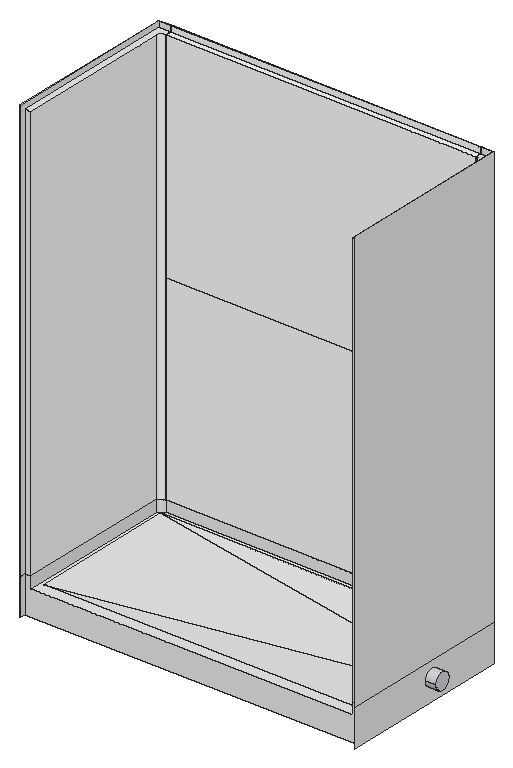
Revit family "5LBS6030FBSD25T,FBSD45T", category Plumbing Fixtures, Revit 2017
Family settings
  Round Connector Dimension = Use Diameter
  Part Type = Normal
  OmniClass Number = 23.45.05.14.17
  OmniClass Title = Showers
  Work Plane-Based = No
  Always vertical = Yes
  Cut with Voids When Loaded = No
  Shared = No
  Room Calculation Point = No
Parameters (values of type "5LBS6030BSD45T")
  Unit Width = 60"
  Unit Height = 82"
  URL = "http://www.bestbath.com/"
  Type Comments = "Barrier Free"
  Threshold Height = 4 1/2"
  Pan Void Depth = 3/4"
  Model = "5LBS6030BSD45T"
  Material [instance] = Best Bath Gelcoat Fiberglass - RealTile
  Manufacturer = "Best Bath Systems, Inc."
  Keynote = "22 40 00.B3"
  Description = "4 x 8 Subway Tile, Beveled Threshold"
  Assembly Code = "D2010710"
Types (3): name | Unit Height | Threshold Height | Model | Material | Description
  (no name) | 82" | 4 1/2" | "5LBS6030BSD45T" | Best Bath Gelcoat Fiberglass - RealTile | "4 x 8 Subway Tile, Beveled Threshold"
  5LBS6030BSD25T | 81" | 2 1/2" | "5LBS6030BSD25T" | Best Bath Gelcoat Fiberglass - Smooth | "4 x 8 Subway Tile, Beveled Threshold, Side Discharge"
  5LBS6030BSD45T | 82" | 4 1/2" | "5LBS6030BSD45T" | Best Bath Gelcoat Fiberglass - RealTile | "4 x 8 Subway Tile, Beveled Threshold"
Reference planes (in)
  plane 1: z = 0
  plane 2 "Left": x = 0
  plane 3: z = 81
  plane 4: z = 82
  plane 5: y = 6.36165
  plane 6: y = 36.36165
  plane 7: x = 60
  plane 8: y = 35.11165
  plane 9: y = 22.36165
  plane 10: z = 4.125
  plane 11: z = 4.5
  plane 12: z = 42
  plane 13: z = 6.5
  plane 14: y = 5.36165
  plane 15: z = 46
  plane 16: x = 30
  plane 17: z = 3.75
  plane 18: z = 4
Forms (in)
  Extrusion 1, solid, material "Best Bath Gelcoat Fiberglass - Smooth"
    sketch origin (0, 0, 0) x (1, 0, 0) y (0, 1, 0)
      loop
        line (0, 6.36165) -> (60, 6.36165) -> (60, 36.36165) -> (0, 36.36165) -> (0, 6.36165)
    from 0 to 4.5
  Extrusion 2, solid, material "Best Bath Gelcoat Fiberglass - RealTile" <- "Material"
    sketch origin (0, 0, 0) x (1, 0, 0) y (0, 1, 0)
      loop
        line (2.25, 36.36165) -> (2.25, 35.11165) -> (57.75, 35.11165) -> (57.75, 36.36165) -> (2.25, 36.36165)
    from 6.5 to 42
  Blend 3, void
    base sketch origin (0, 0, 0) x (1, 0, 0) y (0, 1, 0)
      loop
        line (1.875, 8.36165) -> (58.125, 8.36165) -> (58.125, 34.48665) -> (1.875, 34.48665) -> (1.875, 8.36165)
    top sketch origin (0, 0, 0) x (1, 0, 0) y (0, 1, 0)
      loop
        line (54.63611, 25.36165) -> (54.63611, 19.36165) -> (58.125, 19.36165) -> (58.125, 25.36165) -> (54.63611, 25.36165)
    from 4.5 to 3.75
  Extrusion 4, solid, material "Best Bath Gelcoat Fiberglass - RealTile" <- "Material"
    sketch origin (0, 0, 0) x (1, 0, 0) y (0, 1, 0)
      loop
        line (2.25, 36.36165) -> (2.25, 35.11165) -> (57.75, 35.11165) -> (57.75, 36.36165) -> (2.25, 36.36165)
    from 42 to 81
  Extrusion 5, solid, material "Best Bath Gelcoat Fiberglass - Smooth"
    sketch origin (0.25, 0, 0) x (1, 0, 0) y (0, 1, 0)
      loop
        line (-0.25, 6.36165) -> (1, 6.36165) -> (1, 34.11165)
        arc (1, 34.11165) -> (1.29289, 34.81875) -> (2, 35.11165) r 1
        line (2, 35.11165) -> (2, 36.36165) -> (-0.25, 36.36165) -> (-0.25, 6.36165)
      loop
        line (59.75, 6.36165) -> (59.75, 36.36165) -> (57.5, 36.36165) -> (57.5, 35.11165)
        arc (57.5, 35.11165) -> (58.20711, 34.81875) -> (58.5, 34.11165) r 1
        line (58.5, 34.11165) -> (58.5, 6.36165) -> (59.75, 6.36165)
    from 6.5 to 81
  Extrusion 6, solid, material "Best Bath Gelcoat Fiberglass - Smooth"
    sketch origin (0, 0, 0) x (1, 0, 0) y (0, 1, 0)
      loop
        line (0, 36.36165) -> (0, 6.36165) -> (1.25, 6.36165) -> (1.25, 34.11165)
        arc (1.25, 34.11165) -> (1.54289, 34.81875) -> (2.25, 35.11165) r 1
        line (2.25, 35.11165) -> (57.75, 35.11165)
        arc (57.75, 35.11165) -> (58.45711, 34.81875) -> (58.75, 34.11165) r 1
        line (58.75, 34.11165) -> (58.75, 6.36165) -> (60, 6.36165) -> (60, 35.11165) -> (60, 36.36165) -> (0, 36.36165)
    from 0 to 6.5
  Extrusion 7, solid, material "Best Bath Gelcoat Fiberglass - Smooth"
    sketch origin (0, 0, 0) x (1, 0, 0) y (0, 1, 0)
      loop
        line (0, 5.36165) -> (0.125, 5.36165) -> (0.125, 6.36165) -> (0, 6.36165) -> (0, 5.36165)
      loop
        line (60, 5.36165) -> (60, 6.36165) -> (59.875, 6.36165) -> (59.875, 5.36165) -> (60, 5.36165)
    from 0 to 6.5
  Extrusion 8, solid, material "Best Bath Gelcoat Fiberglass - RealTile" <- "Material"
    sketch origin (0, 0, 0) x (1, 0, 0) y (0, 1, 0)
      loop
        line (2.25, 36.36165) -> (2.25, 36.23665) -> (57.75, 36.23665) -> (57.75, 36.36165) -> (2.25, 36.36165)
    from 81 to 82
  Extrusion 9, solid, material "Best Bath Gelcoat Fiberglass - Smooth"
    sketch origin (0, 0, 0) x (1, 0, 0) y (0, 1, 0)
      loop
        line (0.125, 5.36165) -> (0.125, 36.23665) -> (2.25, 36.23665) -> (2.25, 36.36165) -> (0, 36.36165) -> (0, 5.36165) -> (0.125, 5.36165)
      loop
        line (59.875, 5.36165) -> (60, 5.36165) -> (60, 36.36165) -> (57.75, 36.36165) -> (57.75, 36.23665) -> (59.875, 36.23665) -> (59.875, 5.36165)
    from 6.5 to 82
  Extrusion 10, solid
    sketch origin (0, 0, 0) x (0, 1, 0) y (0, 0, 1)
      loop
        circle (22.36165, 4) r 1.4375
    from 60 to 62
Cuts and joins
  Blend 3 cuts Extrusion 1
  joined: Extrusion 1, Extrusion 6, Extrusion 7
  joined: Extrusion 4, Extrusion 8
  joined: Extrusion 5, Extrusion 9
Dimensions and locks (in)
  locked: plane 4 to plane 3 at 1
  "Unit Height": plane 4 to level
  plane 2 "Left" to plane 7 = 60"
  "Unit Width": plane 2 "Left" to plane 7
  locked: plane 6 to plane 8 at 1.25
  locked: plane 6 to plane 9 at 14
  "Threshold Height": plane 11 to level
  locked: plane 11 to plane 10 at 0.375
  locked: plane 12 to plane 13 at 35.5
  plane 13 to plane 11 = 2"
  locked: plane 5 to plane 14 at 1
  locked: plane 6 to plane 14 at 31
  locked: plane 15 to plane 12 at 4
  Blend 3 sketch curve to Blend 3 sketch curve = 6"
  "Pan Void Depth": plane 11 to plane 17
  locked: plane 11 to plane 18 at 0.5
  aligned and locked: level to plane 1
  aligned and locked: Extrusion 1 sketch curve to plane 5
  aligned and locked: Extrusion 1 sketch curve to plane 2 "Left"
  aligned and locked: plane 6 to Extrusion 1 sketch curve
  aligned and locked: Extrusion 1 sketch curve to plane 7
  aligned and locked: plane 12 to Extrusion 2
  aligned and locked: Extrusion 4 to Extrusion 2
  aligned and locked: plane 3 to Extrusion 4
  aligned and locked: plane 3 to Extrusion 5
  aligned and locked: plane 13 to Extrusion 6
  aligned and locked: Extrusion 5 to plane 13
  aligned and locked: Extrusion 2 to plane 13
  aligned and locked: Extrusion 7 to Extrusion 2
  aligned and locked: Extrusion 8 to plane 3
  aligned and locked: plane 4 to Extrusion 8
  aligned and locked: Extrusion 9 to Extrusion 2
  aligned and locked: plane 4 to Extrusion 9
  aligned and locked: Extrusion 1 to Blend 3
  aligned and locked: Blend 3 to plane 17
  aligned and locked: plane 11 to cut or joined group of Extrusion 1, Blend 3, Extrusion 6, Extrusion 7
Automatic sketch dimensions
  Extrusion 2 sketch curve to plane 8 = 0"
  Extrusion 2 sketch curve to plane 6 = 0"
  plane 2 "Left" to Extrusion 2 sketch curve = 2 1/4"
  plane 7 to Extrusion 2 sketch curve = 2 1/4"
  Blend 3 sketch curve to plane 8 = 5/8"
  plane 2 "Left" to Blend 3 sketch curve = 1 7/8"
  plane 7 to Blend 3 sketch curve = 1 7/8"  (x2)
  plane 5 to Blend 3 sketch curve = 2"
  Extrusion 4 sketch curve to plane 8 = 0"
  Extrusion 4 sketch curve to plane 6 = 0"
  plane 2 "Left" to Extrusion 4 sketch curve = 2 1/4"
  plane 7 to Extrusion 4 sketch curve = 2 1/4"
  Extrusion 5 sketch curve to plane 2 "Left" = 0"
  Extrusion 5 sketch curve to plane 5 = 0"  (x2)
  Extrusion 5 sketch curve to plane 6 = 0"  (x2)
  Extrusion 5 sketch curve to plane 8 = 0"  (x2)
  Extrusion 5 sketch curve to plane 7 = 0"
  Extrusion 5 sketch curve to Extrusion 5 sketch curve = 1 1/4"
  Extrusion 5 sketch curve to Extrusion 5 sketch curve = 1"
  plane 7 to Extrusion 5 sketch curve = 2 1/4"
  plane 7 to Extrusion 5 sketch curve = 1 1/4"
  Extrusion 6 sketch curve to plane 2 "Left" = 0"
  Extrusion 6 sketch curve to plane 5 = 0"  (x2)
  Extrusion 6 sketch curve to plane 8 = 0"  (x2)
  Extrusion 6 sketch curve to plane 7 = 0"
  Extrusion 6 sketch curve to plane 6 = 0"
  Extrusion 6 sketch curve to Extrusion 6 sketch curve = 1 1/4"
  Extrusion 6 sketch curve to Extrusion 6 sketch curve = 1"
  Extrusion 6 sketch curve to plane 8 = 1"
  plane 7 to Extrusion 6 sketch curve = 2 1/4"
  Extrusion 7 sketch curve to plane 2 "Left" = 0"
  Extrusion 7 sketch curve to plane 5 = 0"  (x2)
  Extrusion 7 sketch curve to plane 14 = 0"  (x2)
  Extrusion 7 sketch curve to plane 7 = 0"
  plane 2 "Left" to Extrusion 7 sketch curve = 1/8"
  plane 7 to Extrusion 7 sketch curve = 1/8"
  Extrusion 8 sketch curve to plane 6 = 0"
  Extrusion 8 sketch curve to plane 6 = 1/8"
  plane 2 "Left" to Extrusion 8 sketch curve = 2 1/4"
  plane 7 to Extrusion 8 sketch curve = 2 1/4"
  Extrusion 9 sketch curve to plane 2 "Left" = 0"
  Extrusion 9 sketch curve to plane 14 = 0"  (x2)
  Extrusion 9 sketch curve to plane 6 = 0"  (x2)
  Extrusion 9 sketch curve to plane 7 = 0"
  plane 2 "Left" to Extrusion 9 sketch curve = 1/8"
  Extrusion 9 sketch curve to plane 6 = 1/8"  (x2)
  Extrusion 9 sketch curve to Extrusion 9 sketch curve = 2 1/8"
  plane 7 to Extrusion 9 sketch curve = 2 1/4"
  plane 7 to Extrusion 9 sketch curve = 1/8"
  Blend 3 sketch curve to plane 9 = 3"
  plane 7 to Blend 3 sketch curve = 5.36389"
  Extrusion 10 sketch curve to plane 9 = 0"
  Extrusion 10 sketch curve to plane 18 = 0"
  radius of Extrusion 10 sketch curve = 1 7/16"
